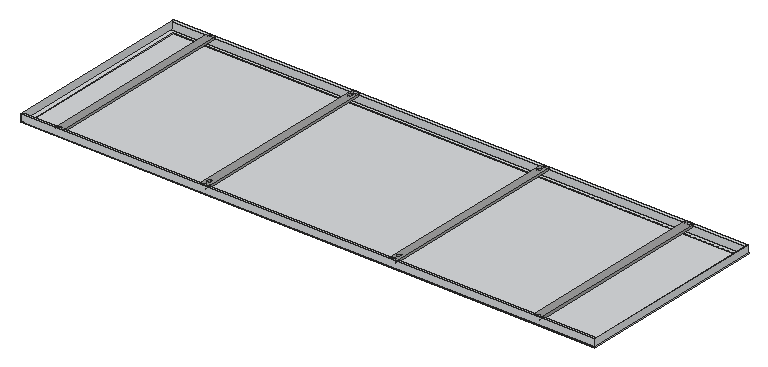
Revit family "意匠用天井放射パネル1790_ver2019.arfa", category 一般モデル, Revit 2019
Family settings
  ホスト = 天井
  鉄筋をホスト可能 = いいえ
  丸型コネクタ寸法 = 直径を使用
  パーツ タイプ = 標準
  常に垂直 = はい
  ロード時にボイドで切り取り = いいえ
  共有 = いいえ
  部屋計算ポイント = いいえ
Parameters (values of type "パンチング")
  説明 = "天井放射空調"
  製造元 = "株式会社ササクラ"
  満水質量 = "11.8kg/枚"
  注記3 = "標準外寸法等が必要な際は問い合わせください"
  注記2 = "形状変更は名前入力タブからご選択ください"
  注記 = "寸法値の変更はご遠慮ください"
  形状 = 意匠用パンチング型パネル_一般モデル1790 : L1790
  塗装色 = "N-93"
  問い合わせ先 = "https://www.sasakura.co.jp/contact/index.cgi?inq_mst_seq=6"
  モデル = "ver1.0"
  W = 600 mm
  URL = "http://www.sasakura.co.jp/products/heat/205.html"
  L = 1800 mm
Types (5, lengths in mm): name | 満水質量 | 形状
  パンチング | "11.8kg/枚" | 意匠用パンチング型パネル_一般モデル1790 : L1790
  波端部 | "8.3kg/枚" | 意匠用端部波型パネル_一般モデル1790 : L1790
  波標準 | "8.3kg/枚" | 意匠用標準波型パネル_一般モデル1790 : L1790
  リブ端部 | "10.8kg/枚" | 意匠用端部リブ型パネル_一般モデル1790 : L1790
  リブ標準 | "10.8kg/枚" | 意匠用標準リブ型パネル_一般モデル1790 : L1790
Reference planes
  plane 1 "中心(正面/背面)": y = 0
  plane 2: z = 0
  plane 3 "中心(左/右)": x = 0
  plane 4 "天井": z = 4000
  plane 5: y = 600
  plane 6: x = 1800
Lines and regions (mm)
  Opening 1
    outline origin (0, 0, 4000) x (1, 0, 0) y (0, 1, 0)
      loop
        line (0, 600) -> (0, 0) -> (1800, 0) -> (1800, 600) -> (0, 600)
Dimensions and locks
  equal spacing: host sketch curve, plane 3 "中心(左/右)", host sketch curve
  equal spacing: host sketch curve, plane 1 "中心(正面/背面)", host sketch curve
  host sketch curve to host sketch curve = 4000 mm  (x2)
  plane 4 "天井" to host ceiling = 0 mm
  "L": plane 3 "中心(左/右)" to plane 6
  "W": plane 1 "中心(正面/背面)" to plane 5
Automatic sketch dimensions
  plane 1 "中心(正面/背面)" to Opening 1 sketch curve = 0 mm
  Opening 1 sketch curve to plane 3 "中心(左/右)" = 0 mm
  Opening 1 sketch curve to plane 6 = 0 mm
  plane 5 to Opening 1 sketch curve = 0 mm
Nested families
  nested 1: "意匠用パンチング型パネル_一般モデル1790" at (900, 300, 0), type <- "形状", type "L1790"
Definition of nested family "意匠用パンチング型パネル_一般モデル1790"
  Parameters (values of type "L1790")
    Description = "天井放射空調"
    Manufacturer = "株式会社ササクラ"
    パネル桟 = none
    パネルパンチング = none
    パネルW = none
    パネルL = none
    パネル = none
    Type Comments = ""
    コメント = ""
    W = 597 mm
    URL = "http://www.sasakura.co.jp/products/heat/205.html"
    L = 1790 mm
  Reference planes
    plane 1 "中心(正面/背面)": y = 0
    plane 2: z = 0
    plane 3 "中心(左/右)": x = 0
    plane 4 "天井": z = 4000
    plane 5: z = 4024
    plane 6: z = 4024.2
  Forms (mm)
    Extrusion 1, solid, material <- "パネル"
      sketch origin (0, 0, 4000) x (0, 1, 0) y (-1, 0, 0)
        loop
          line (298.5, 895) -> (-298.5, 895) -> (-298.5, -895) -> (298.5, -895) -> (298.5, 895)
        loop
          line (-277.7, 880) -> (-277.7, -880) -> (277.7, -880) -> (277.7, 880) -> (-277.7, 880)
      from 0 to 1
    Extrusion 2, solid, material <- "パネルW"
      sketch origin (0, 0, 4000) x (0, 1, 0) y (-1, 0, 0)
        loop
          line (298.5, 895) -> (-298.5, 895) -> (-298.5, 894) -> (298.5, 894) -> (298.5, 895)
      from 23 to 1
    Extrusion 3, solid, material <- "パネルW"
      sketch origin (1189, 0, 4000) x (0, 1, 0) y (-1, 0, 0)
        loop
          line (298.5, 295) -> (-298.5, 295) -> (-298.5, 294) -> (298.5, 294) -> (298.5, 295)
      from 23 to 1
    Extrusion 4, solid, material <- "パネルL"
      sketch origin (0, 0, 4000) x (0, 1, 0) y (-1, 0, 0)
        loop
          line (298.5, 894) -> (288.5, 894) -> (288.5, -894) -> (298.5, -894) -> (298.5, 894)
      from 23 to 1
    Extrusion 5, solid, material <- "パネルL"
      sketch origin (0, -587, 4000) x (0, 1, 0) y (-1, 0, 0)
        loop
          line (298.5, 894) -> (288.5, 894) -> (288.5, -894) -> (298.5, -894) -> (298.5, 894)
      from 23 to 1
    Extrusion 6, solid, material <- "パネル桟", not visible, detail levels medium+fine
      sketch origin (0, 0, 4000) x (0, 1, 0) y (-1, 0, 0)
        loop
          line (926.531, -578.442) -> (349.531, -578.442) -> (349.531, -579.642) -> (343.531, -579.642)
          arc (343.531, -579.642) -> (341.409, -580.52) -> (340.531, -582.642) r 3
          line (340.531, -582.642) -> (340.531, -599.242)
          arc (340.531, -599.242) -> (341.409, -601.363) -> (343.531, -602.242) r 3
          line (343.531, -602.242) -> (349.531, -602.242) -> (349.531, -603.442) -> (926.531, -603.442) -> (926.531, -602.242) -> (932.531, -602.242)
          arc (932.531, -602.242) -> (934.652, -601.363) -> (935.531, -599.242) r 3
          line (935.531, -599.242) -> (935.531, -582.642)
          arc (935.531, -582.642) -> (934.652, -580.52) -> (932.531, -579.642) r 3
          line (932.531, -579.642) -> (926.531, -579.642) -> (926.531, -578.442)
      from 20 to 26.5
    Revolve 7, solid, not visible, detail levels medium+fine
      sketch origin (-1774.487, 931.529, 3837.374) x (-1, 0, 0) y (0, 0, 1)
        loop
          line (-2365.428, 190.126) -> (-2365.428, 183.426)
          arc (-2365.428, 183.426) -> (-2363.067, 185.106) -> (-2363.878, 187.888) r 2.5
          line (-2363.878, 187.888) -> (-2363.878, 189.126) -> (-2362.228, 189.126) -> (-2362.228, 190.126) -> (-2365.428, 190.126)
        axis (-2365.428, 190.126) -> (-2365.428, 183.426)
      angle from 0 to 360
    Revolve 8, solid, not visible, detail levels medium+fine
      sketch origin (592.66, -2020.897, 3837.374) x (0.000729, -1, 0) y (0, 0, 1)
        loop
          line (-2365.428, 190.126) -> (-2365.428, 183.426)
          arc (-2365.428, 183.426) -> (-2363.067, 185.106) -> (-2363.878, 187.888) r 2.5
          line (-2363.878, 187.888) -> (-2363.878, 189.126) -> (-2362.228, 189.126) -> (-2362.228, 190.126) -> (-2365.428, 190.126)
        axis (-2365.428, 190.126) -> (-2365.428, 183.426)
      angle from 0 to 360
    Extrusion 9, solid, material <- "パネル桟", not visible, detail levels medium+fine
      sketch origin (-620.938, -638.031, 4000) x (0, 1, 0) y (-1, 0, 0)
        loop
          line (926.531, -578.442) -> (349.531, -578.442) -> (349.531, -579.642) -> (343.531, -579.642)
          arc (343.531, -579.642) -> (341.409, -580.52) -> (340.531, -582.642) r 3
          line (340.531, -582.642) -> (340.531, -599.242)
          arc (340.531, -599.242) -> (341.409, -601.363) -> (343.531, -602.242) r 3
          line (343.531, -602.242) -> (349.531, -602.242) -> (349.531, -603.442) -> (926.531, -603.442) -> (926.531, -602.242) -> (932.531, -602.242)
          arc (932.531, -602.242) -> (934.652, -601.363) -> (935.531, -599.242) r 3
          line (935.531, -599.242) -> (935.531, -582.642)
          arc (935.531, -582.642) -> (934.652, -580.52) -> (932.531, -579.642) r 3
          line (932.531, -579.642) -> (926.531, -579.642) -> (926.531, -578.442)
        loop
          circle (364.531, -590.942) r 6
        loop
          circle (911.531, -590.942) r 6
      from 20 to 26.5
    Revolve 10, solid, not visible, detail levels medium+fine
      sketch origin (-2395.425, 293.498, 3837.374) x (-1, 0, 0) y (0, 0, 1)
        loop
          line (-2365.428, 190.126) -> (-2365.428, 183.426)
          arc (-2365.428, 183.426) -> (-2363.067, 185.106) -> (-2363.878, 187.888) r 2.5
          line (-2363.878, 187.888) -> (-2363.878, 189.126) -> (-2362.228, 189.126) -> (-2362.228, 190.126) -> (-2365.428, 190.126)
        axis (-2365.428, 190.126) -> (-2365.428, 183.426)
      angle from 0 to 360
    Revolve 11, solid, not visible, detail levels medium+fine
      sketch origin (-28.278, -2658.928, 3837.374) x (0.000729, -1, 0) y (0, 0, 1)
        loop
          line (-2365.428, 190.126) -> (-2365.428, 183.426)
          arc (-2365.428, 183.426) -> (-2363.067, 185.106) -> (-2363.878, 187.888) r 2.5
          line (-2363.878, 187.888) -> (-2363.878, 189.126) -> (-2362.228, 189.126) -> (-2362.228, 190.126) -> (-2365.428, 190.126)
        axis (-2365.428, 190.126) -> (-2365.428, 183.426)
      angle from 0 to 360
    Extrusion 12, solid, material <- "パネルパンチング", detail levels medium+fine
      sketch origin (0, 0, 3980) x (0, 1, 0) y (-1, 0, 0)
        loop
          line (277.7, 880) -> (-277.7, 880) -> (-277.7, -880) -> (277.7, -880) -> (277.7, 880)
      from 20 to 21
    Extrusion 13, solid, material <- "パネル桟", detail levels medium+fine
      sketch origin (124.061, -638.031, 3997.7) x (0, 1, 0) y (-1, 0, 0)
        loop
          line (926.531, -578.442) -> (349.531, -578.442) -> (349.531, -579.642) -> (343.531, -579.642)
          arc (343.531, -579.642) -> (341.409, -580.52) -> (340.531, -582.642) r 3
          line (340.531, -582.642) -> (340.531, -599.242)
          arc (340.531, -599.242) -> (341.409, -601.363) -> (343.531, -602.242) r 3
          line (343.531, -602.242) -> (349.531, -602.242) -> (349.531, -603.442) -> (926.531, -603.442) -> (926.531, -602.242) -> (932.531, -602.242)
          arc (932.531, -602.242) -> (934.652, -601.363) -> (935.531, -599.242) r 3
          line (935.531, -599.242) -> (935.531, -582.642)
          arc (935.531, -582.642) -> (934.652, -580.52) -> (932.531, -579.642) r 3
          line (932.531, -579.642) -> (926.531, -579.642) -> (926.531, -578.442)
      from 20 to 26.5
    Revolve 14, solid, detail levels medium+fine
      sketch origin (-1650.426, 293.498, 3835.074) x (-1, 0, 0) y (0, 0, 1)
        loop
          line (-2365.428, 190.126) -> (-2365.428, 183.426)
          arc (-2365.428, 183.426) -> (-2363.067, 185.106) -> (-2363.878, 187.888) r 2.5
          line (-2363.878, 187.888) -> (-2363.878, 189.126) -> (-2362.228, 189.126) -> (-2362.228, 190.126) -> (-2365.428, 190.126)
        axis (-2365.428, 190.126) -> (-2365.428, 183.426)
      angle from 0 to 360
    Revolve 15, solid, detail levels medium+fine
      sketch origin (716.721, -2658.928, 3835.074) x (0.000729, -1, 0) y (0, 0, 1)
        loop
          line (-2365.428, 190.126) -> (-2365.428, 183.426)
          arc (-2365.428, 183.426) -> (-2363.067, 185.106) -> (-2363.878, 187.888) r 2.5
          line (-2363.878, 187.888) -> (-2363.878, 189.126) -> (-2362.228, 189.126) -> (-2362.228, 190.126) -> (-2365.428, 190.126)
        axis (-2365.428, 190.126) -> (-2365.428, 183.426)
      angle from 0 to 360
    Extrusion 16, solid, material <- "パネル桟", detail levels medium+fine
      sketch origin (-325.938, -638.031, 3997.7) x (0, 1, 0) y (-1, 0, 0)
        loop
          line (926.531, -578.442) -> (349.531, -578.442) -> (349.531, -579.642) -> (343.531, -579.642)
          arc (343.531, -579.642) -> (341.409, -580.52) -> (340.531, -582.642) r 3
          line (340.531, -582.642) -> (340.531, -599.242)
          arc (340.531, -599.242) -> (341.409, -601.363) -> (343.531, -602.242) r 3
          line (343.531, -602.242) -> (349.531, -602.242) -> (349.531, -603.442) -> (926.531, -603.442) -> (926.531, -602.242) -> (932.531, -602.242)
          arc (932.531, -602.242) -> (934.652, -601.363) -> (935.531, -599.242) r 3
          line (935.531, -599.242) -> (935.531, -582.642)
          arc (935.531, -582.642) -> (934.652, -580.52) -> (932.531, -579.642) r 3
          line (932.531, -579.642) -> (926.531, -579.642) -> (926.531, -578.442)
        loop
          circle (364.531, -590.942) r 6
        loop
          circle (911.531, -590.942) r 6
      from 20 to 26.5
    Revolve 17, solid, detail levels medium+fine
      sketch origin (-2100.425, 293.498, 3835.074) x (-1, 0, 0) y (0, 0, 1)
        loop
          line (-2365.428, 190.126) -> (-2365.428, 183.426)
          arc (-2365.428, 183.426) -> (-2363.067, 185.106) -> (-2363.878, 187.888) r 2.5
          line (-2363.878, 187.888) -> (-2363.878, 189.126) -> (-2362.228, 189.126) -> (-2362.228, 190.126) -> (-2365.428, 190.126)
        axis (-2365.428, 190.126) -> (-2365.428, 183.426)
      angle from 0 to 360
    Revolve 18, solid, detail levels medium+fine
      sketch origin (266.722, -2658.928, 3835.074) x (0.000729, -1, 0) y (0, 0, 1)
        loop
          line (-2365.428, 190.126) -> (-2365.428, 183.426)
          arc (-2365.428, 183.426) -> (-2363.067, 185.106) -> (-2363.878, 187.888) r 2.5
          line (-2363.878, 187.888) -> (-2363.878, 189.126) -> (-2362.228, 189.126) -> (-2362.228, 190.126) -> (-2365.428, 190.126)
        axis (-2365.428, 190.126) -> (-2365.428, 183.426)
      angle from 0 to 360
    Extrusion 19, solid, material <- "パネル桟", detail levels medium+fine
      sketch origin (-1365.939, -638.031, 3997.7) x (0, 1, 0) y (-1, 0, 0)
        loop
          line (926.531, -578.442) -> (349.531, -578.442) -> (349.531, -579.642) -> (343.531, -579.642)
          arc (343.531, -579.642) -> (341.409, -580.52) -> (340.531, -582.642) r 3
          line (340.531, -582.642) -> (340.531, -599.242)
          arc (340.531, -599.242) -> (341.409, -601.363) -> (343.531, -602.242) r 3
          line (343.531, -602.242) -> (349.531, -602.242) -> (349.531, -603.442) -> (926.531, -603.442) -> (926.531, -602.242) -> (932.531, -602.242)
          arc (932.531, -602.242) -> (934.652, -601.363) -> (935.531, -599.242) r 3
          line (935.531, -599.242) -> (935.531, -582.642)
          arc (935.531, -582.642) -> (934.652, -580.52) -> (932.531, -579.642) r 3
          line (932.531, -579.642) -> (926.531, -579.642) -> (926.531, -578.442)
      from 20 to 26.5
    Revolve 20, solid, detail levels medium+fine
      sketch origin (-3140.426, 293.498, 3835.074) x (-1, 0, 0) y (0, 0, 1)
        loop
          line (-2365.428, 190.126) -> (-2365.428, 183.426)
          arc (-2365.428, 183.426) -> (-2363.067, 185.106) -> (-2363.878, 187.888) r 2.5
          line (-2363.878, 187.888) -> (-2363.878, 189.126) -> (-2362.228, 189.126) -> (-2362.228, 190.126) -> (-2365.428, 190.126)
        axis (-2365.428, 190.126) -> (-2365.428, 183.426)
      angle from 0 to 360
    Revolve 21, solid, detail levels medium+fine
      sketch origin (-773.279, -2658.928, 3835.074) x (0.000729, -1, 0) y (0, 0, 1)
        loop
          line (-2365.428, 190.126) -> (-2365.428, 183.426)
          arc (-2365.428, 183.426) -> (-2363.067, 185.106) -> (-2363.878, 187.888) r 2.5
          line (-2363.878, 187.888) -> (-2363.878, 189.126) -> (-2362.228, 189.126) -> (-2362.228, 190.126) -> (-2365.428, 190.126)
        axis (-2365.428, 190.126) -> (-2365.428, 183.426)
      angle from 0 to 360
    Extrusion 22, solid, material <- "パネル桟", detail levels medium+fine
      sketch origin (-915.942, -638.031, 3997.7) x (0, 1, 0) y (-1, 0, 0)
        loop
          line (926.531, -578.442) -> (349.531, -578.442) -> (349.531, -579.642) -> (343.531, -579.642)
          arc (343.531, -579.642) -> (341.409, -580.52) -> (340.531, -582.642) r 3
          line (340.531, -582.642) -> (340.531, -599.242)
          arc (340.531, -599.242) -> (341.409, -601.363) -> (343.531, -602.242) r 3
          line (343.531, -602.242) -> (349.531, -602.242) -> (349.531, -603.442) -> (926.531, -603.442) -> (926.531, -602.242) -> (932.531, -602.242)
          arc (932.531, -602.242) -> (934.652, -601.363) -> (935.531, -599.242) r 3
          line (935.531, -599.242) -> (935.531, -582.642)
          arc (935.531, -582.642) -> (934.652, -580.52) -> (932.531, -579.642) r 3
          line (932.531, -579.642) -> (926.531, -579.642) -> (926.531, -578.442)
        loop
          circle (364.531, -590.942) r 6
        loop
          circle (911.531, -590.942) r 6
      from 20 to 26.5
    Revolve 23, solid, detail levels medium+fine
      sketch origin (-2690.428, 293.498, 3835.074) x (-1, 0, 0) y (0, 0, 1)
        loop
          line (-2365.428, 190.126) -> (-2365.428, 183.426)
          arc (-2365.428, 183.426) -> (-2363.067, 185.106) -> (-2363.878, 187.888) r 2.5
          line (-2363.878, 187.888) -> (-2363.878, 189.126) -> (-2362.228, 189.126) -> (-2362.228, 190.126) -> (-2365.428, 190.126)
        axis (-2365.428, 190.126) -> (-2365.428, 183.426)
      angle from 0 to 360
    Revolve 24, solid, detail levels medium+fine
      sketch origin (-323.281, -2658.928, 3835.074) x (0.000729, -1, 0) y (0, 0, 1)
        loop
          line (-2365.428, 190.126) -> (-2365.428, 183.426)
          arc (-2365.428, 183.426) -> (-2363.067, 185.106) -> (-2363.878, 187.888) r 2.5
          line (-2363.878, 187.888) -> (-2363.878, 189.126) -> (-2362.228, 189.126) -> (-2362.228, 190.126) -> (-2365.428, 190.126)
        axis (-2365.428, 190.126) -> (-2365.428, 183.426)
      angle from 0 to 360
  Dimensions and locks
    equal spacing: host sketch curve, plane 3 "中心(左/右)", host sketch curve
    equal spacing: host sketch curve, plane 1 "中心(正面/背面)", host sketch curve
    host sketch curve to host sketch curve = 4000 mm  (x2)
    plane 4 "天井" to host ceiling = 0 mm
    aligned and locked: Extrusion 2 to Extrusion 5
    aligned and locked: Extrusion 5 to Extrusion 3
    aligned and locked: Extrusion 4 to Extrusion 3
    aligned and locked: Extrusion 4 to Extrusion 2
    aligned and locked: Extrusion 1 to Extrusion 4
